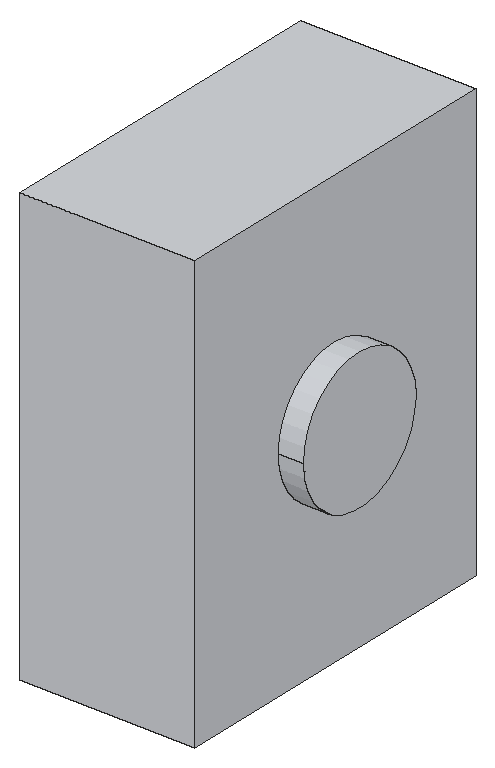
Revit family "電線管用ファミリ(片側のみ)", category 電気器具, Revit 2021
Family settings
  注釈の向きを維持 = いいえ
  丸型コネクタ寸法 = 直径を使用
  パーツ タイプ = 標準
  OmniClass 番号 = 23.80.00.00
  OmniClass タイトル = Electric Power and Lighting
  作業面ベース = いいえ
  常に垂直 = いいえ
  ロード時にボイドで切り取り = いいえ
  共有 = いいえ
  部屋計算ポイント = いいえ
Parameters
  既定の高さ = 0 mm
  コネクタ直径2 [instance] = 16 mm
  コネクタ直径1 [instance] = 16 mm
Reference planes
  plane 1 "中心(正面/背面)": y = 0
  plane 2: z = 0
  plane 3 "中心(左/右)": x = 0
Forms (mm)
  Extrusion 1, solid
    sketch origin (0, -9.877, 0) x (1, 0, 0) y (0, 1, 0)
      loop
        line (-10, 30) -> (-10, -10.245) -> (10, -10.245) -> (10, 30) -> (-10, 30)
    from 0 to 50
  Extrusion 2, solid
    sketch origin (0, 0, 15) x (0, 1, 0) y (0, 0, 1)
      loop
        circle (-0.245, 10) r 8
    from 10 to 13
  Extrusion 3, solid
    sketch origin (0, 0, 15) x (0, 1, 0) y (0, 0, -1)
      loop
        circle (-0.245, -10) r 8
    from 10 to 13
Dimensions and locks
  "コネクタ直径1": diameter of Extrusion 2 sketch curve
  "コネクタ直径2": diameter of Extrusion 3 sketch curve
  aligned and locked: level to plane 2
  aligned and locked: Extrusion 2 to Extrusion 1
Automatic sketch dimensions
  Extrusion 1 sketch curve to plane 3 "中心(左/右)" = 10 mm
  plane 3 "中心(左/右)" to Extrusion 1 sketch curve = 10 mm
  plane 1 "中心(正面/背面)" to Extrusion 1 sketch curve = 20.123 mm
  Extrusion 1 sketch curve to plane 1 "中心(正面/背面)" = 20.123 mm
  plane 1 "中心(正面/背面)" to Extrusion 2 sketch curve = 0.245 mm
  level to Extrusion 2 sketch curve = 25 mm
  plane 1 "中心(正面/背面)" to Extrusion 3 sketch curve = 0.245 mm
  level to Extrusion 3 sketch curve = 25 mm
Connectors
  cabletrayconduit at (13, -0.245, 25), diameter 16, driven by "コネクタ直径1"
    settings: on Extrusion 2, index 5, connector width 300 mm, connector height 300 mm, connector angle 0.00°, system type 32, placement type 0, profile type 0, connector reference index -1, is primary connector yes, connector utility param no, connector description ""
